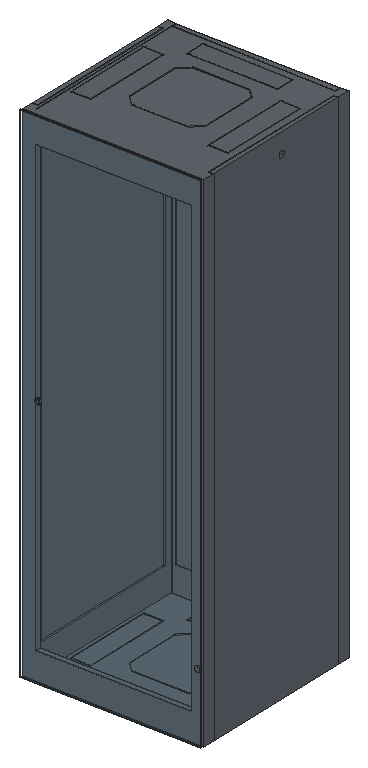
Revit family "Baies Linkeo avec porte avant simple largeur 800", category Equipement spécialisé, Revit 2020
Family settings
  Cote de connecteur circulaire = Utiliser le diamètre
  Type d'élément = Normal
  Numéro OmniClass = 23.85.05.17.11.14
  Titre OmniClass = Multimedia Broadcasting Equipment
  Basée sur le plan de construction = Non
  Toujours verticalement = Oui
  Couper avec des vides une fois chargée = Non
  Partagée = Oui
  Point de calcul de pièce = Non
Parameters (values of type "Baie Linkeo2 47U 800x800")
  Verrouillage de la porte avant = "A un point"
  Type de montage = "Frontal"
  Type d'aération = "Aucune"
  Température de stockage = "-25°C à 70°C"
  Température de fonctionnement = "-25°C à 70°C"
  Référence Legrand = "646773"
  RAL = "7016"
  Profondeur du modèle = 800.00 mm
  Profondeur = 830.00 mm
  Passage utile en largeur (mm) = 690.00 mm
  Passage utile en hauteur (mm) = 2008.00 mm
  Nombre de portes = "1"
  Nombre d'unités en hauteur = 47
  Modèle de largeur = 800.00 mm
  Modèle = "Corps fixe"
  Matériau de la porte avant = Verre
  Matériau = "Acier"
  Lien e-catalogue = "https://www.legrand.fr/reference/646773/pro"
  Libellé BIM = "Baie Linkeo2 47U 800x800"
  Largeur (mm) = 810.00 mm
  Indice de protection IP = "IP20"
  Indice de protection IK = "IK08"
  Type de pieds de nivellement = "Pieds de nivellement  800X800"
  Type de montants verticaux = "Montants verticaux pour armoires Linkeo  47U"
  Type de montants horizontaux = "Montants horizontaux pour armoires Linkeo  47U profondeur 800"
  Symbole de porte = "Symbole de porte  Porte 800mm"
  Hauteur = 2248.00 mm
  Fonction = "Baie Linkeo2"
  Finition du rail profilé = "Recourbée"
  Finition de surface = "Poudré"
  Emplacement de rack = 93.00 mm
  Elévation par défaut = 0.00 mm
  EAN = "3414971001640"
  Distance ouverture 2 = 198.00 mm
  Distance ouverture 1 = 257.00 mm
  Dimension modulaire = "19 pouces"
  Couleur = gris
  Classe d'application = "EC002499"
  Capacité de charge max = "400"
  Avec tôle de toit = yes
  Avec porte frontale = yes
  Avec mise à la terre = yes
Types (7, lengths in mm): name | Référence Legrand | Profondeur du modèle | Profondeur | Passage utile en largeur (mm) | Passage utile en hauteur (mm) | Nombre d'unités en hauteur | Lien e-catalogue | Libellé BIM | Type de pieds de nivellement | Type de montants verticaux | Type de montants horizontaux | Hauteur | EAN | Distance ouverture 2 | Distance ouverture 1
  Baie Linkeo2 24U 800x800 | "646751" | 800.00 | 830.00 | 690.00 | 1081.00 | 24 | "https://www.legrand.fr/reference/646751/pro" | "Baie Linkeo2 24U 800x800" | "Pieds de nivellement  800X800" | "Montants verticaux pour armoires Linkeo  24U" | "Montants horizontaux pour armoires Linkeo  24U profondeur 800" | 1226.00 | "3414971001510" | 198.00 | 257.00
  Baie Linkeo2 33U 800x800 | "646756" | 800.00 | 830.00 | 690.00 | 1386.00 | 33 | "https://www.legrand.fr/reference/646756/pro" | "Baie Linkeo2 33U 800x800" | "Pieds de nivellement  800X800" | "Montants verticaux pour armoires Linkeo  33U" | "Montants horizontaux pour armoires Linkeo  33U profondeur 800" | 1626.00 | "3414971001534" | 198.00 | 257.00
  Baie Linkeo2 42U 800x600 | "646763" | 600.00 | 630.00 | 490.00 | 1786.00 | 42 | "https://www.legrand.fr/reference/646763/pro" | "Baie Linkeo2 42U 800x600" | "Pieds de nivellement  800X600" | "Montants verticaux pour armoires Linkeo  42U" | "Montants horizontaux pour armoires Linkeo  42U profondeur 600" | 2026.00 | "3414971001572" | 98.00 | 57.00
  Baie Linkeo2 42U 800x800 | "646764" | 800.00 | 830.00 | 690.00 | 1786.00 | 42 | "https://www.legrand.fr/reference/646764/pro" | "Baie Linkeo2 42U 800x800" | "Pieds de nivellement  800X800" | "Montants verticaux pour armoires Linkeo  42U" | "Montants horizontaux pour armoires Linkeo  42U profondeur 800" | 2026.00 | "3414971001589" | 198.00 | 257.00
  Baie Linkeo2 42U 800x1000 | "646765" | 1000.00 | 1030.00 | 890.00 | 1881.00 | 42 | "https://www.legrand.fr/reference/646765/pro" | "Baie Linkeo2 42U 800x1000" | "Pieds de nivellement  800X1000" | "Montants verticaux pour armoires Linkeo  42U" | "Montants horizontaux pour armoires Linkeo  42U profondeur 1000" | 2026.00 | "3414971001596" | 298.00 | 457.00
  Baie Linkeo2 47U 800x800 | "646773" | 800.00 | 830.00 | 690.00 | 2008.00 | 47 | "https://www.legrand.fr/reference/646773/pro" | "Baie Linkeo2 47U 800x800" | "Pieds de nivellement  800X800" | "Montants verticaux pour armoires Linkeo  47U" | "Montants horizontaux pour armoires Linkeo  47U profondeur 800" | 2248.00 | "3414971001640" | 198.00 | 257.00
  Baie Linkeo2 47U 800x1000 | "646774" | 1000.00 | 1030.00 | 890.00 | 2008.00 | 47 | "https://www.legrand.fr/reference/646774/pro" | "Baie Linkeo2 47U 800x1000" | "Pieds de nivellement  800X1000" | "Montants verticaux pour armoires Linkeo  47U" | "Montants horizontaux pour armoires Linkeo  47U profondeur 1000" | 2248.00 | "3414971001657" | 298.00 | 457.00
Reference planes
  plane 1 "Centre (avant/arrière)": y = 106
  plane 2: z = 0
  plane 3: x = -100
  plane 4: x = 700
  plane 5: z = 2248
  plane 6: y = -694
  plane 7: x = -45
  plane 8: x = 645
  plane 9: x = 300
  plane 10: z = 2128
  plane 11: z = 120
  plane 12: z = 1124
  plane 13: y = -692
  plane 14: x = 300
  plane 15: y = -444.5
  plane 16: y = 455.094
  plane 17: x = 1428.928
  plane 18: z = -485.313
  plane 19: x = 2466.566
  plane 20: z = 1124
  plane 21: x = 300
  plane 22: x = 500
  plane 23: x = 100
  plane 24: x = 300
  plane 25: y = -601
  plane 26: x = 525
  plane 27: y = -599.5
  plane 28: x = 556.5
  plane 29: x = 558
  plane 30: y = -560.5
  plane 31: y = -559
  plane 32: x = 534.5
  plane 33: x = 536
  plane 34: z = 80
  plane 35: z = 89.5
  plane 36: x = 528.5
  plane 37: x = 538
  plane 38: z = 111.75
  plane 39: z = 121.25
  plane 40: y = -742.5
  plane 41: y = -752
  plane 42: z = 105.38
  plane 43: z = 95.88
  plane 44: x = 77
  plane 45: x = 67.5
  plane 46: x = 66
  plane 47: z = 125
  plane 48: z = 2213
  plane 49: z = 1124
  plane 50: y = -694
  plane 51: y = 66
  plane 52: z = 35
  plane 53: y = -601
  plane 54 "Panneaux gauche": y = -597.5
  plane 55 "Panneaux droit": y = 62.5
  plane 56 "Panneaux haut": z = 2211
  plane 57: z = 2163
  plane 58: z = 2163
  plane 59: y = -267.5
  plane 60: x = 175
  plane 61: x = 425
  plane 62: y = 54
  plane 63: y = -36
  plane 64: x = 98
  plane 65: x = 502
  plane 66: x = 131
  plane 67: y = -344.658
  plane 68: x = 469
  plane 69: y = -6.658
  plane 70: x = 133.5
  plane 71: y = -9.158
  plane 72: y = -342.158
  plane 73: x = 466.5
  plane 74: y = -50.658
  plane 75: y = -300.158
  plane 76: through (150.891, -321.084, 1200) normal (-0.7071, -0.7071, 0)
  plane 77: through (440.304, -329.89, 1200) normal (-0.7071, 0.7071, 0)
  plane 78: through (446.349, -26.971, 1200) normal (-0.7071, -0.7071, 0)
  plane 79: through (445.75, -29.908, 1200) normal (-0.7071, -0.7071, 0)
  plane 80: through (150.227, -316.885, 1200) normal (-0.7071, -0.7071, 0)
  plane 81: through (445.5, -321.158, 1200) normal (-0.7071, 0.7071, 0)
  plane 82: x = 100.5
  plane 83: y = 91.5
  plane 84: y = 7.5
  plane 85: x = 499.5
  plane 86: x = 131
  plane 87: y = -437
  plane 88: x = 469
  plane 89: y = -99
  plane 90: x = 133.5
  plane 91: y = -101.5
  plane 92: y = -434.5
  plane 93: x = 466.5
  plane 94: y = -143
  plane 95: y = -392.5
  plane 96: through (150.891, -413.426, 577) normal (-0.7071, -0.7071, 0)
  plane 97: through (440.304, -422.232, 577) normal (-0.7071, 0.7071, 0)
  plane 98: through (446.349, -119.313, 577) normal (-0.7071, -0.7071, 0)
  plane 99: through (445.75, -122.25, 577) normal (-0.7071, -0.7071, 0)
  plane 100: through (150.227, -409.227, 577) normal (-0.7071, -0.7071, 0)
  plane 101: through (445.5, -413.5, 577) normal (-0.7071, 0.7071, 0)
  plane 102: x = -49
  plane 103: x = 41
  plane 104: y = -92
  plane 105: y = -496
  plane 106: y = -94.5
  plane 107: x = -46.5
  plane 108: x = 559
  plane 109: x = 649
  plane 110: through (113.028, -163.472, 1200) normal (-0.7071, 0.7071, 0)
  plane 111: through (194.144, -78.82, 1200) normal (0.7071, -0.7071, 0)
  plane 112: through (113.028, -71.13, 1823) normal (-0.7071, 0.7071, 0)
  plane 113: through (194.144, 13.522, 1823) normal (0.7071, -0.7071, 0)
  plane 114: x = 175.5
  plane 115: through (175.5, -434.5, 1200) normal (-0.7071, -0.7071, 0)
  plane 116: x = 424.5
  plane 117: through (424.5, -434.5, 1200) normal (-0.7071, 0.7071, 0)
  plane 118: through (133.5, -143, 1200) normal (-0.7071, 0.7071, 0)
  plane 119: through (425, -101.5, 1200) normal (0.7071, 0.7071, 0)
  plane 120: x = 175.5
  plane 121: through (175.5, -342.158, 1823) normal (-0.7071, -0.7071, 0)
  plane 122: x = 424.5
  plane 123: through (424.5, -342.158, 1823) normal (-0.7071, 0.7071, 0)
  plane 124: through (133.5, -50.658, 1823) normal (-0.7071, 0.7071, 0)
  plane 125: through (425, -9.158, 1823) normal (0.7071, 0.7071, 0)
  plane 126: y = -601
  plane 127: z = 124.45
  plane 128: x = 42
  plane 129: y = -493.5
  plane 130: x = 100.5
  plane 131: x = 100.5
  plane 132: x = 100.5
  plane 133: x = 561.5
  plane 134: z = 2180
  plane 135: y = -294
  plane 136: y = 84.5
  plane 137: y = -672.5
  plane 138: x = 41
  plane 139: x = 559
  plane 140: x = 300
  plane 141: z = 4781
  plane 142: z = 2180
  plane 143: y = -694
  plane 144: z = 72
  plane 145: z = 2176
  plane 146: y = 82.5
  plane 147: y = -670.5
  plane 148: x = 38.5
  plane 149: x = 646.5
  plane 150: x = 678.5
  plane 151: x = -78.5
  plane 152: z = 2128
  plane 153: z = 120
  plane 154: z = 1124
  plane 155: y = -294
  plane 156: y = 51
  plane 157: y = -639
  plane 158: x = -63.5
  plane 159: x = 663.5
  plane 160: y = 84.5
  plane 161: y = -294
  plane 162: y = -709
  plane 163: y = -704
  plane 164: y = -294
Forms (mm)
  Extrusion 1, solid, material "gris" <- "Couleur"
    sketch origin (-100, 0, 0) x (0, 1, 0) y (0, 0, 1)
      loop
        line (-694, 0) -> (106, 0) -> (106, 2248) -> (-694, 2248) -> (-694, 0)
    from 0 to 800
  Extrusion 2, void
    sketch origin (-250, 82.5, 1200) x (1, 0, 0) y (0, 0, 1)
      loop
        line (185, 1046) -> (185, -1198) -> (915, -1198) -> (915, 1046) -> (185, 1046)
    from 0 to 753
  Extrusion 3, void
    sketch origin (0, 106, 0) x (1, 0, 0) y (0, 0, 1)
      loop
        line (-45, 2128) -> (-45, 120) -> (645, 120) -> (645, 2128) -> (-45, 2128)
    from 0 to 800
  Extrusion 4, solid, material "gris"
    sketch origin (-658.117, -709, 652.471) x (1, 0, 0) y (0, 0, 1)
      loop
        circle (638.746, 471.529) r 12
    from 0 to 5
  Extrusion 5, void
    sketch origin (-657.497, -714, 652.306) x (-1, 0, 0) y (0, 0, 1)
      loop
        line (-631.856, 476.03) -> (-633.789, 477.963) -> (-644.395, 467.357) -> (-642.463, 465.424) -> (-631.856, 476.03)
    from 0 to 2
  Extrusion 6, solid, material "gris", not visible
    sketch origin (50.552, -709, -159.029) x (1, 0, 0) y (0, 0, 1)
      loop
        circle (638.746, 471.529) r 12
    from 0 to 5
  Extrusion 7, void, not visible
    sketch origin (51.172, -714, -159.194) x (-1, 0, 0) y (0, 0, 1)
      loop
        line (-631.856, 476.03) -> (-633.789, 477.963) -> (-644.395, 467.357) -> (-642.463, 465.424) -> (-631.856, 476.03)
    from 0 to 2
  Extrusion 8, solid, material "gris" <- "Couleur", not visible
    sketch origin (-100, 47, -855.959) x (0, -1, 0) y (0, 0, 1)
      loop
        circle (154, 1149) r 12
    from 0 to 4
  Extrusion 9, void, not visible
    sketch origin (-104, 531.38, -177.686) x (0, 1, 0) y (0, 0, 1)
      loop
        line (-631.856, 476.03) -> (-633.789, 477.963) -> (-644.395, 467.357) -> (-642.463, 465.424) -> (-631.856, 476.03)
    from 0 to 2
  Extrusion 10, solid, material "gris" <- "Couleur"
    sketch origin (-100, -113.5, 1014) x (0, -1, 0) y (0, 0, 1)
      loop
        circle (154, 1149) r 12
    from 0 to 4
  Extrusion 11, void
    sketch origin (-104, 370.88, 1692.273) x (0, 1, 0) y (0, 0, 1)
      loop
        line (-631.856, 476.03) -> (-633.789, 477.963) -> (-644.395, 467.357) -> (-642.463, 465.424) -> (-631.856, 476.03)
    from 0 to 2
  Extrusion 12, solid, material "gris" <- "Couleur", not visible
    sketch origin (621, -865.746, -189.529) x (0, 1, 0) y (0, 0, 1)
      loop
        circle (638.746, 471.529) r 12
    from 0 to 4
  Extrusion 13, void, not visible
    sketch origin (625, -865.126, -189.694) x (0, -1, 0) y (0, 0, 1)
      loop
        line (-631.856, 476.03) -> (-633.789, 477.963) -> (-644.395, 467.357) -> (-642.463, 465.424) -> (-631.856, 476.03)
    from 0 to 2
  Extrusion 14, void
    sketch origin (0, -23, 0) x (1, 0, 0) y (0, 1, 0)
      loop
        line (131, -118.964) -> (131, -370.536) -> (174.464, -414) -> (425.536, -414) -> (469, -370.536) -> (469, -118.964) -> (426.036, -76) -> (173.964, -76) -> (131, -118.964)
    from 2248 to 0
  Extrusion 15, void
    sketch origin (-100, -694, 0) x (0, -1, 0) y (1, 0, 0)
      loop
        line (-658, 198) -> (-658, 602) -> (-748, 602) -> (-748, 198) -> (-658, 198)
    from 0 to 2248
  Extrusion 16, solid, material "gris" <- "Couleur"
    sketch origin (698, 106, 2248) x (-1, 0, 0) y (0, -1, 0)
      loop
        line (597.5, 56) -> (597.5, 138.5) -> (198.5, 138.5) -> (198.5, 56) -> (597.5, 56)
    from 0 to -2
  Extrusion 17, solid, material "gris" <- "Couleur", not visible
    sketch origin (698, 146, 625) x (-1, 0, 0) y (0, -1, 0)
      loop
        line (597.5, 56) -> (597.5, 138.5) -> (198.5, 138.5) -> (198.5, 56) -> (597.5, 56)
    from 0 to -2
  Extrusion 18, solid, material "gris" <- "Couleur"
    sketch origin (698, 106, 2) x (-1, 0, 0) y (0, -1, 0)
      loop
        line (597.5, 56) -> (597.5, 138.5) -> (198.5, 138.5) -> (198.5, 56) -> (597.5, 56)
    from 0 to -2
  Extrusion 19, void
    sketch origin (0, 0, 0) x (0, 1, 0) y (1, 0, 0)
      loop
        line (-92, -49) -> (-92, 41) -> (-496, 41) -> (-496, -49) -> (-92, -49)
      loop
        line (-92, 559) -> (-92, 649) -> (-496, 649) -> (-496, 559) -> (-92, 559)
    from 0 to -2248
  Extrusion 20, solid, material "gris" <- "Couleur"
    sketch origin (-100, -454, 0) x (1, 0, 0) y (0, -1, 0)
      loop
        line (233.5, -311) -> (275, -352.5) -> (525, -352.5) -> (566.5, -311) -> (566.5, -61.5) -> (524.5, -19.5) -> (275.5, -19.5) -> (233.5, -61.5) -> (233.5, -311)
    from 0 to -2
  Extrusion 21, solid, material "gris" <- "Couleur"
    sketch origin (-100, 106, 2248) x (0, -1, 0) y (1, 0, 0)
      loop
        line (207.5, 275) -> (249, 233.5) -> (498.5, 233.5) -> (540.5, 275.5) -> (540.5, 524.5) -> (498.5, 566.5) -> (249, 566.5) -> (207.5, 525) -> (207.5, 275)
    from -2 to 0
  Extrusion 22, void
    sketch origin (0, 106, 0) x (1, 0, 0) y (0, 0, 1)
      loop
        line (649, 2176) -> (-49, 2176) -> (-49, 72) -> (649, 72) -> (649, 2176)
    from 2 to 0
  Extrusion 23, solid, material "gris" <- "Couleur"
    sketch origin (938.746, 106, 1689.471) x (-1, 0, 0) y (0, 0, 1)
      loop
        circle (638.746, 471.529) r 12
    from 0 to 4
  Extrusion 24, void
    sketch origin (938.126, 110, 1689.306) x (1, 0, 0) y (0, 0, 1)
      loop
        line (-631.856, 476.03) -> (-633.789, 477.963) -> (-644.395, 467.357) -> (-642.463, 465.424) -> (-631.856, 476.03)
    from 0 to 2
  Extrusion 25, solid, material "gris" <- "Couleur"
    sketch origin (-100, 106, 2248) x (0, -1, 0) y (1, 0, 0)
      loop
        line (599.5, 746.5) -> (200.5, 746.5) -> (200.5, 661.5) -> (599.5, 661.5) -> (599.5, 746.5)
    from 0 to -2
  Extrusion 26, solid, material "gris" <- "Couleur"
    sketch origin (-100, -694, 0) x (1, 0, 0) y (0, -1, 0)
      loop
        line (53.5, -599.5) -> (138.5, -599.5) -> (138.5, -200.5) -> (53.5, -200.5) -> (53.5, -599.5)
    from 0 to -2
  Extrusion 27, solid, material "gris" <- "Couleur"
    sketch origin (-100, -694, 0) x (1, 0, 0) y (0, -1, 0)
      loop
        line (746.5, -599.5) -> (746.5, -200.5) -> (661.5, -200.5) -> (661.5, -599.5) -> (746.5, -599.5)
    from 0 to -2
  Extrusion 28, solid, material "gris" <- "Couleur"
    sketch origin (700, -421.5, 1014) x (0, 1, 0) y (0, 0, 1)
      loop
        circle (154, 1149) r 12
    from 0 to 4
  Extrusion 29, void
    sketch origin (704, -905.88, 1692.273) x (0, -1, 0) y (0, 0, 1)
      loop
        line (-631.856, 476.03) -> (-633.789, 477.963) -> (-644.395, 467.357) -> (-642.463, 465.424) -> (-631.856, 476.03)
    from 0 to 2
  Extrusion 30, void
    sketch origin (-100, 0, 0) x (0, 1, 0) y (0, 0, 1)
      loop
        line (51, 2248) -> (-639, 2248) -> (-639, 0) -> (51, 0) -> (51, 2248)
    from 0 to 21.5
  Extrusion 31, solid, material "gris" <- "Couleur"
    sketch origin (-100, 0, 0) x (0, 1, 0) y (0, 0, 1)
      loop
        line (51, 2248) -> (-639, 2248) -> (-639, 0) -> (51, 0) -> (51, 2248)
    from 0 to 21.5
  Extrusion 32, solid, material "gris" <- "Couleur"
    sketch origin (700, 0, 0) x (0, 1, 0) y (0, 0, 1)
      loop
        line (-639, 2248) -> (-639, 0) -> (51, 0) -> (51, 2248) -> (-639, 2248)
    from 0 to -21.5
  Extrusion 33, solid, material "gris" <- "Couleur"
    sketch origin (0, 106, 0) x (1, 0, 0) y (0, 0, 1)
      loop
        line (663.5, 2248) -> (-63.5, 2248) -> (-63.5, 0) -> (663.5, 0) -> (663.5, 2248)
    from 0 to 21.5
  Extrusion 34, solid, material "gris" <- "Couleur"
    sketch origin (-100, 106, 2248) x (0, -1, 0) y (1, 0, 0)
      loop
        line (200.5, 53.5) -> (599.5, 53.5) -> (599.5, 138.5) -> (200.5, 138.5) -> (200.5, 53.5)
    from 0 to -2
  Extrusion 35, void
    sketch origin (700, 0, 0) x (0, -1, 0) y (0, 0, 1)
      loop
        line (639, 2248) -> (-51, 2248) -> (-51, 0) -> (639, 0) -> (639, 2248)
    from 0 to 21.5
  Extrusion 36, void
    sketch origin (-100, 0, 0) x (0, 1, 0) y (0, 0, 1)
      loop
        line (51, 2128) -> (-639, 2128) -> (-639, 120) -> (51, 120) -> (51, 2128)
    from 0 to 800
  Extrusion 37, void
    sketch origin (-100, 106, 2248) x (1, 0, 0) y (0, -1, 0)
      loop
        line (36.5, 21.5) -> (36.5, 0) -> (763.5, 0) -> (763.5, 21.5) -> (36.5, 21.5)
    from 0 to 2248
  Extrusion 38, solid, material "Verre" <- "Matériau de la porte avant"
    sketch origin (-100, 106, 2248) x (0, -1, 0) y (1, 0, 0)
      loop
        line (815, 0) -> (815, 800) -> (810, 800) -> (810, 0) -> (815, 0)
    from -2248 to 4
Cuts and joins
  Extrusion 2, Extrusion 3, Extrusion 14, Extrusion 15, Extrusion 19, Extrusion 22, Extrusion 30, Extrusion 35, Extrusion 36, Extrusion 37 cuts Extrusion 1
  Extrusion 5 cuts Extrusion 4
  Extrusion 11, Extrusion 36 cuts Extrusion 10
  Extrusion 24 cuts Extrusion 23
  Extrusion 29, Extrusion 35 cuts Extrusion 28
Lines and regions (mm)
  model lines, not visible
    curve 1: line (488, 106, 1124) -> (512, 106, 1124)
    curve 2: line (-104, -119, 293.041) -> (-104, -107, 293.041)
    curve 3: line (-104, -279.5, 2163) -> (-104, -267.5, 2163)
    curve 4: line (661, -215, 282) -> (661, -227, 282)
    curve 5: line (-139, -227, 282) -> (-139, -227, 270)
    curve 6: line (-100, -254, 1889) -> (-100, -254, 1877)
    curve 7: line (-100, -93.5, 19.041) -> (-100, -93.5, 7.041)
    curve 8: line (288, 146, 2161) -> (300, 146, 2161)
    curve 9: line (300, -654, 2161) -> (300, -654, 2149)
    curve 10: line (704, -255.5, 2163) -> (704, -267.5, 2163)
    curve 11: line (700, -281, 1889) -> (700, -281, 1877)
    curve 12: line (700, -281, 1889) -> (700, -271, 1889)
    curve 13: line (-100, -93.5, 19.041) -> (-100, -103.5, 19.041)
    curve 14: line (-100, -254, 1889) -> (-100, -264, 1889)
    curve 15: line (700, -654, 2149) -> (700, -639, 2149)
    curve 16: line (-139, -627, 270) -> (-124, -627, 270)
Dimensions and locks
  "Modèle de largeur": plane 4 to plane 3
  "Hauteur": plane 5 to level
  "Profondeur du modèle": plane 6 to plane 1 "Centre (avant/arrière)"
  locked: plane 7 to plane 8 at 690
  equal spacing: plane 7, plane 9, plane 8
  equal spacing: plane 4, plane 9, plane 3
  equal spacing: plane 5, plane 12, level
  equal spacing: plane 10, plane 12, plane 11
  "Passage utile en hauteur (mm)": plane 10 to plane 11
  Extrusion 2 sketch curve to plane 3 = 35.00 mm
  Extrusion 2 sketch curve to plane 4 = 35.00 mm
  locked: Extrusion 2 sketch curve to level at 2
  locked: plane 5 to Extrusion 2 sketch curve at 2
  locked: plane 6 to plane 13 at 2
  cut or joined group 1 (Extrusion 1, Extrusion 2, Extrusion 3, Extrusion 14, Extrusion 15, Extrusion 19, Extrusion 22, Extrusion 30, Extrusion 35, Extrusion 36, Extrusion 37) to plane 1 "Centre (avant/arrière)" = 23.50 mm
  equal spacing: plane 3, plane 14, plane 4
  equal spacing: plane 23, plane 24, plane 22
  "Emplacement de rack": plane 25 to plane 6
  locked: plane 27 to plane 25 at 1.5
  locked: plane 28 to plane 29 at 1.5
  locked: plane 30 to plane 31 at 1.5
  locked: plane 32 to plane 33 at 1.5
  plane 29 to cut or joined group 1 = 107.00 mm
  locked: plane 26 to plane 28 at 31.5
  locked: plane 31 to plane 25 at 42
  locked: plane 32 to plane 29 at 23.5
  locked: plane 34 to level at 80
  locked: plane 35 to plane 34 at 9.5
  locked: plane 36 to plane 37 at 9.5
  locked: plane 26 to plane 36 at 3.5
  locked: plane 39 to plane 38 at 9.5
  locked: plane 38 to plane 34 at 31.75
  plane 41 to plane 40 = 9.50 mm
  locked: plane 42 to plane 43 at 9.5
  plane 43 to plane 35 = 6.38 mm
  locked: plane 45 to plane 46 at 1.5
  locked: plane 47 to plane 11 at 5
  plane 5 to plane 48 to plane 10 = 35.00 mm, 85.00 mm
  locked: plane 51 to plane 1 "Centre (avant/arrière)" at 40
  locked: plane 52 to level at 35
  locked: plane 48 to plane 5 at 35
  locked: plane 25 to plane 54 "Panneaux gauche" at 3.5
  locked: plane 55 "Panneaux droit" to plane 51 at 3.5
  locked: plane 56 "Panneaux haut" to plane 48 at 2
  plane 57 to plane 5 = 85.00 mm
  locked: plane 5 to plane 58 at 85
  plane 54 "Panneaux gauche" to plane 55 "Panneaux droit" = 660.00 mm
  equal spacing: plane 54 "Panneaux gauche", plane 59, plane 55 "Panneaux droit"
  locked: plane 64 to plane 65 at 404
  "Distance ouverture 2": plane 1 "Centre (avant/arrière)" to plane 104
  locked: plane 104 to plane 105 at 404
  locked: plane 102 to plane 103 at 90
  locked: plane 104 to plane 106 at 2.5
  locked: plane 102 to plane 107 at 2.5
  locked: plane 3 to plane 102 at 51
  locked: plane 108 to plane 109 at 90
  plane 109 to plane 4 = 51.00 mm
  "Distance ouverture 1": plane 50 to plane 87
  locked: plane 127 to plane 34 at 44.45
  equal spacing: plane 128, plane 24, plane 29
  locked: plane 128 to plane 29 at 516
  plane 1 "Centre (avant/arrière)" to plane 62 = 52.00 mm
  cut or joined group 1 to plane 63 = 90.00 mm
  plane 129 to plane 105 = 2.50 mm
  plane 5 to plane 134 = 68.00 mm
  equal spacing: plane 136, plane 135, plane 137
  equal spacing: plane 1 "Centre (avant/arrière)", plane 135, plane 6
  equal spacing: plane 138, plane 140, plane 139, locked at 259 each
  plane 141 to plane 20 = 3657.00 mm
  equal spacing: Extrusion 30 sketch curve, plane 135, Extrusion 30 sketch curve
  "Passage utile en largeur (mm)": Extrusion 30 sketch curve to Extrusion 30 sketch curve
  locked: plane 144 to level at 72
  plane 5 to plane 145 = 72.00 mm
  locked: plane 1 "Centre (avant/arrière)" to plane 146 at 23.5
  locked: plane 50 to plane 147 at 23.5
  locked: plane 148 to plane 103 at 2.5
  locked: plane 149 to plane 109 at 2.5
  locked: plane 150 to plane 4 at 21.5
  locked: plane 3 to plane 151 at 21.5
  equal spacing: plane 152, plane 154, plane 153
  "Passage utile en hauteur (mm)": plane 152 to plane 153
  equal spacing: plane 156, plane 155, plane 157
  "Passage utile en largeur (mm)": plane 156 to plane 157
  locked: plane 3 to plane 158 at 36.5
  locked: plane 159 to plane 4 at 36.5
  locked: plane 1 "Centre (avant/arrière)" to plane 160 at 21.5
  equal spacing: plane 1 "Centre (avant/arrière)", plane 161, plane 143
  locked: plane 163 to plane 162 at 5
  locked: plane 163 to plane 50 at 10
  cut or joined group of Extrusion 4, Extrusion 5 to Extrusion 38 = 5.00 mm
  equal spacing: plane 50, plane 164, plane 1 "Centre (avant/arrière)"
  locked: curve 11 to curve 6 at 27
  locked: curve 12 to curve 14
  locked: curve 15 to plane 5 at 99
  aligned and locked: level to plane 2
  aligned and locked: Extrusion 1 sketch curve to level
  aligned and locked: Extrusion 1 sketch curve to plane 6
  aligned and locked: plane 5 to Extrusion 1 sketch curve
  aligned and locked: Extrusion 1 sketch curve to plane 1 "Centre (avant/arrière)"
  aligned and locked: Extrusion 1 to plane 4
  aligned and locked: Extrusion 1 to plane 3
  aligned and locked: Extrusion 3 sketch curve to plane 10
  aligned and locked: Extrusion 3 sketch curve to plane 7
  aligned and locked: plane 11 to Extrusion 3 sketch curve
  aligned and locked: Extrusion 3 sketch curve to plane 8
  aligned and locked: Extrusion 1 to Extrusion 3  (x2)
  aligned and locked: plane 24 to plane 9
  aligned and locked: plane 20 to plane 12
  aligned and locked: plane 49 to Extrusion 4
  aligned and locked: plane 49 to plane 20
  aligned and locked: plane 6 to plane 50
  aligned and locked: plane 57 to curve 3
  aligned and locked: plane 59 to curve 3
  aligned and locked: Extrusion 15 sketch curve to plane 64
  aligned and locked: plane 65 to Extrusion 15 sketch curve
  aligned and locked: Extrusion 16 to cut or joined group 1
  aligned and locked: Extrusion 1 to Extrusion 15
  aligned and locked: plane 104 to Extrusion 19 sketch curve  (x2)
  aligned and locked: Extrusion 19 sketch curve to plane 102
  aligned and locked: Extrusion 19 sketch curve to plane 105  (x2)
  aligned and locked: plane 103 to Extrusion 19 sketch curve
  aligned and locked: plane 5 to Extrusion 19
  aligned and locked: Extrusion 14 sketch curve to plane 86
  aligned and locked: Extrusion 14 sketch curve to plane 111
  aligned and locked: Extrusion 14 sketch curve to plane 89
  aligned and locked: Extrusion 14 sketch curve to plane 98
  aligned and locked: Extrusion 14 sketch curve to plane 88
  aligned and locked: Extrusion 14 sketch curve to plane 97
  aligned and locked: Extrusion 14 sketch curve to plane 87
  aligned and locked: Extrusion 14 sketch curve to plane 96
  aligned and locked: Extrusion 20 sketch curve to plane 110
  aligned and locked: Extrusion 20 sketch curve to plane 91
  aligned and locked: Extrusion 20 sketch curve to plane 99
  aligned and locked: Extrusion 20 sketch curve to plane 93
  aligned and locked: Extrusion 20 sketch curve to plane 101
  aligned and locked: Extrusion 20 sketch curve to plane 92
  aligned and locked: Extrusion 20 sketch curve to plane 100
  aligned and locked: Extrusion 20 sketch curve to plane 90
  aligned and locked: Extrusion 21 sketch curve to Extrusion 20  (x8)
  aligned and locked: Extrusion 21 to cut or joined group 1
  aligned and locked: plane 5 to Extrusion 21
  aligned and locked: Extrusion 20 to level
  aligned and locked: plane 109 to Extrusion 22 sketch curve
  aligned and locked: plane 102 to Extrusion 22 sketch curve
  aligned and locked: Extrusion 22 to Extrusion 1
  aligned and locked: plane 126 to plane 25
  aligned and locked: Extrusion 19 sketch curve to plane 108
  aligned and locked: plane 109 to Extrusion 19 sketch curve
  aligned and locked: Extrusion 15 sketch curve to plane 62
  aligned and locked: Extrusion 15 sketch curve to plane 63
  aligned and locked: Extrusion 16 to plane 130
  aligned and locked: Extrusion 17 to plane 131
  aligned and locked: Extrusion 18 to plane 132
  aligned and locked: Extrusion 1 to Extrusion 14
  aligned and locked: Extrusion 25 sketch curve to plane 106
  aligned and locked: Extrusion 25 sketch curve to plane 133
  aligned and locked: Extrusion 25 sketch curve to plane 129
  aligned and locked: Extrusion 25 to cut or joined group 1
  aligned and locked: plane 5 to Extrusion 25
  aligned and locked: Extrusion 26 to cut or joined group 1
  aligned and locked: Extrusion 27 sketch curve to Extrusion 25  (x2)
  aligned and locked: Extrusion 25 to Extrusion 27 sketch curve
  aligned and locked: Extrusion 27 to cut or joined group 1
  aligned and locked: plane 140 to plane 14
  aligned and locked: plane 142 to plane 134
  aligned and locked: plane 145 to Extrusion 22 sketch curve
  aligned and locked: Extrusion 22 sketch curve to plane 144
  aligned and locked: cut or joined group 1 to Extrusion 31 sketch curve
  aligned and locked: Extrusion 31 sketch curve to cut or joined group 1
  aligned and locked: Extrusion 32 sketch curve to cut or joined group 1  (x4)
  aligned and locked: plane 146 to Extrusion 2
  aligned and locked: Extrusion 2 to plane 147
  aligned and locked: Extrusion 26 sketch curve to plane 106
  aligned and locked: Extrusion 26 sketch curve to plane 107
  aligned and locked: Extrusion 34 sketch curve to Extrusion 26  (x2)
  aligned and locked: plane 129 to Extrusion 26 sketch curve
  aligned and locked: plane 129 to Extrusion 34 sketch curve
  aligned and locked: Extrusion 34 to cut or joined group 1
  aligned and locked: Extrusion 34 sketch curve to plane 148
  aligned and locked: Extrusion 26 sketch curve to plane 148
  aligned and locked: Extrusion 27 sketch curve to plane 149
  aligned and locked: Extrusion 25 sketch curve to plane 149
  aligned and locked: Extrusion 32 to plane 150
  aligned and locked: Extrusion 31 to plane 151
  aligned and locked: plane 5 to Extrusion 30 sketch curve
  aligned and locked: Extrusion 30 sketch curve to level
  aligned and locked: Extrusion 30 to Extrusion 31
  aligned and locked: Extrusion 35 sketch curve to Extrusion 32  (x2)
  aligned and locked: Extrusion 35 sketch curve to cut or joined group 1  (x2)
  aligned and locked: Extrusion 35 to Extrusion 32
  aligned and locked: plane 5 to Extrusion 31 sketch curve
  aligned and locked: Extrusion 31 sketch curve to level
  aligned and locked: plane 12 to plane 154
  aligned and locked: Extrusion 36 sketch curve to plane 11
  aligned and locked: Extrusion 36 sketch curve to plane 157
  aligned and locked: plane 156 to Extrusion 36 sketch curve
  aligned and locked: plane 10 to Extrusion 36 sketch curve
  aligned and locked: Extrusion 36 to plane 4
  aligned and locked: plane 160 to Extrusion 37 sketch curve
  aligned and locked: plane 158 to Extrusion 37 sketch curve
  aligned and locked: plane 1 "Centre (avant/arrière)" to Extrusion 37 sketch curve
  aligned and locked: Extrusion 37 sketch curve to plane 159
  aligned and locked: Extrusion 1 to Extrusion 37
  aligned and locked: plane 5 to Extrusion 33 sketch curve
  aligned and locked: Extrusion 33 sketch curve to level
  aligned and locked: Extrusion 33 sketch curve to cut or joined group 1  (x2)
  aligned and locked: Extrusion 33 to cut or joined group 1
  aligned and locked: plane 135 to plane 155
  aligned and locked: Extrusion 38 sketch curve to plane 162
  aligned and locked: Extrusion 38 sketch curve to plane 3
  aligned and locked: Extrusion 38 sketch curve to plane 163
  aligned and locked: Extrusion 38 sketch curve to plane 4
  aligned and locked: cut or joined group 1 to Extrusion 38
  aligned and locked: Extrusion 4 to Extrusion 38
  aligned and locked: curve 12 to curve 11
  aligned and locked: curve 13 to curve 7
  aligned and locked: curve 14 to curve 6
Automatic sketch dimensions
  Extrusion 5 sketch curve to Extrusion 5 sketch curve = 1.933 mm  (x2)
  Extrusion 5 sketch curve to Extrusion 5 sketch curve = 10.607 mm
  Extrusion 7 sketch curve to Extrusion 7 sketch curve = 1.933 mm  (x2)
  Extrusion 7 sketch curve to Extrusion 7 sketch curve = 10.607 mm
  Extrusion 9 sketch curve to Extrusion 9 sketch curve = 1.933 mm  (x2)
  Extrusion 9 sketch curve to Extrusion 9 sketch curve = 10.607 mm
  Extrusion 11 sketch curve to Extrusion 11 sketch curve = 1.933 mm  (x2)
  Extrusion 11 sketch curve to Extrusion 11 sketch curve = 10.607 mm
  Extrusion 13 sketch curve to Extrusion 13 sketch curve = 1.933 mm  (x2)
  Extrusion 13 sketch curve to Extrusion 13 sketch curve = 10.607 mm
  curve 5 to curve 5 = 12.00 mm
  curve 6 to curve 6 = 12.00 mm
  curve 7 to curve 7 = 12.00 mm
  Extrusion 24 sketch curve to Extrusion 24 sketch curve = 1.933 mm  (x2)
  Extrusion 24 sketch curve to Extrusion 24 sketch curve = 10.607 mm
  curve 9 to curve 9 = 12.00 mm
  curve 1 to plane 12 = 0.00 mm
  curve 1 to plane 85 = 11.50 mm
  plane 65 to curve 1 = 10.00 mm
  Extrusion 18 sketch curve to Extrusion 18 sketch curve = 399.00 mm
  Extrusion 18 sketch curve to Extrusion 18 sketch curve = 82.50 mm
  Extrusion 16 sketch curve to Extrusion 16 sketch curve = 399.00 mm
  Extrusion 16 sketch curve to Extrusion 16 sketch curve = 82.50 mm
  Extrusion 17 sketch curve to Extrusion 17 sketch curve = 399.00 mm
  Extrusion 17 sketch curve to Extrusion 17 sketch curve = 82.50 mm
  Extrusion 29 sketch curve to Extrusion 29 sketch curve = 1.933 mm  (x2)
  Extrusion 29 sketch curve to Extrusion 29 sketch curve = 10.607 mm
  curve 11 to curve 11 = 12.00 mm
  curve 10 to curve 10 = 12.00 mm
  curve 2 to curve 2 = 12.00 mm
  curve 3 to curve 3 = 12.00 mm
  curve 12 to curve 12 = 10.00 mm
  curve 13 to curve 13 = 10.00 mm
  curve 14 to curve 14 = 10.00 mm
  curve 15 to curve 15 = 15.00 mm
  curve 16 to curve 16 = 15.00 mm
  radius of Extrusion 4 sketch curve = 12.00 mm
  radius of Extrusion 6 sketch curve = 12.00 mm
  radius of Extrusion 12 sketch curve = 12.00 mm
  radius of Extrusion 10 sketch curve = 12.00 mm
  radius of Extrusion 8 sketch curve = 12.00 mm
  radius of Extrusion 23 sketch curve = 12.00 mm
  radius of Extrusion 28 sketch curve = 12.00 mm
